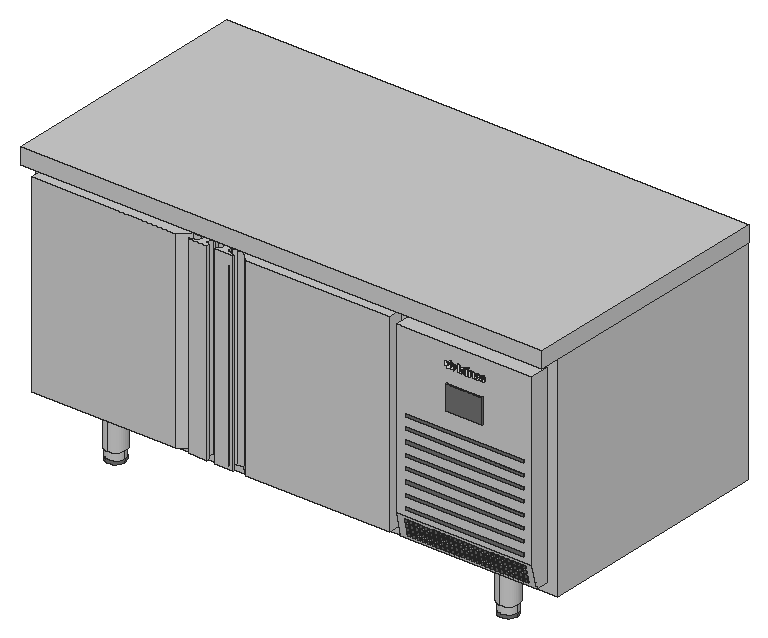
Revit family "QF_INFRICO_MR1620BT_250813014643", category Specialty Equipment, Revit 2021 (continued)
Definition of nested family "QF_INFRICO_LEGS_7242"
  Forms (mm)
    Extrusion 9, solid
      sketch origin (1560, 0, 140) x (0, 1, 0) y (-1, 0, 0)
        loop
          line (-568, -379.986) -> (-668, -379.986) -> (-668, -469.986) -> (-568, -469.986) -> (-568, -379.986)
      from 0 to -3
    Extrusion 10, solid
      sketch origin (1560, 0, 0) x (1, 0, 0) y (0, 1, 0)
        loop
          circle (424.986, -618) r 28
      from 9 to 35
    Extrusion 11, solid
      sketch origin (1560, 0, 0) x (1, 0, 0) y (0, 1, 0)
        loop
          circle (424.986, -618) r 28.5
      from 0 to 9
    Sweep 12, solid
      path origin (2185, 0, 0) x (0, -1, 0) y (0, 0, 1)
        loop
          line (618, 35) -> (618, 137)
      profile origin (2185, -618, 86) x (0, 1, 0) y (-1, 0, 0)
        loop
          circle (0, 199.986) r 32
    Extrusion 13, solid
      sketch origin (1560, 500, 140) x (0, 1, 0) y (-1, 0, 0)
        loop
          line (-530, -379.986) -> (-630, -379.986) -> (-630, -469.986) -> (-530, -469.986) -> (-530, -379.986)
      from 0 to -3
    Extrusion 14, solid
      sketch origin (1560, 500, 0) x (1, 0, 0) y (0, 1, 0)
        loop
          circle (424.986, -580) r 28
      from 9 to 35
    Extrusion 15, solid
      sketch origin (1560, 500, 0) x (1, 0, 0) y (0, 1, 0)
        loop
          circle (424.986, -580) r 28.5
      from 0 to 9
    Sweep 16, solid
      path origin (2185, 0, 0) x (0, -1, 0) y (0, 0, 1)
        loop
          line (80, 35) -> (80, 137)
      profile origin (2185, -80, 86) x (0, 1, 0) y (-1, 0, 0)
        loop
          circle (0, 199.986) r 32
    Extrusion 17, solid, visible <- "CentralLegs"
      sketch origin (534.014, 0, 140) x (0, 1, 0) y (-1, 0, 0)
        loop
          line (-568, -513.486) -> (-668, -513.486) -> (-668, -603.486) -> (-568, -603.486) -> (-568, -513.486)
      from 0 to -3
    Extrusion 18, solid, visible <- "CentralLegs"
      sketch origin (534.014, 0, 0) x (1, 0, 0) y (0, 1, 0)
        loop
          circle (558.486, -618) r 28
      from 9 to 35
    Extrusion 19, solid, visible <- "CentralLegs"
      sketch origin (534.014, 0, 0) x (1, 0, 0) y (0, 1, 0)
        loop
          circle (558.486, -618) r 28.5
      from 0 to 9
    Sweep 20, solid, visible <- "CentralLegs"
      path origin (1092.5, 0, 0) x (0, -1, 0) y (0, 0, 1)
        loop
          line (618, 35) -> (618, 137)
      profile origin (1092.5, -618, 86) x (0, 1, 0) y (-1, 0, 0)
        loop
          circle (0, -0.014) r 32
    Extrusion 21, solid, visible <- "CentralLegs"
      sketch origin (534.014, 500, 140) x (0, 1, 0) y (-1, 0, 0)
        loop
          line (-530, -513.486) -> (-630, -513.486) -> (-630, -603.486) -> (-530, -603.486) -> (-530, -513.486)
      from 0 to -3
    Extrusion 22, solid, visible <- "CentralLegs"
      sketch origin (534.014, 500, 0) x (1, 0, 0) y (0, 1, 0)
        loop
          circle (558.486, -580) r 28
      from 9 to 35
    Extrusion 23, solid, visible <- "CentralLegs"
      sketch origin (534.014, 500, 0) x (1, 0, 0) y (0, 1, 0)
        loop
          circle (558.486, -580) r 28.5
      from 0 to 9
    Sweep 24, solid, visible <- "CentralLegs"
      path origin (1092.5, 0, 0) x (0, -1, 0) y (0, 0, 1)
        loop
          line (80, 35) -> (80, 137)
      profile origin (1092.5, -80, 86) x (0, 1, 0) y (-1, 0, 0)
        loop
          circle (0, -0.014) r 32
  Dimensions and locks
    "Length": plane 3 "Left" to plane 4 "Right"
    "Depth": plane 1 "Back" to plane 5 "Front"
    "Height": plane 6 "Top" to plane 2
    equal spacing: plane 3 "Left", plane 7 "Central", plane 4 "Right"
    locked: Sweep 20 sketch curve to profile plane at 0.014
    locked: Sweep 24 sketch curve to profile plane at 0.014
    aligned and locked: level to plane 2
  Automatic sketch dimensions
    plane 5 "Front" to Extrusion 1 sketch curve = 70 mm
    Extrusion 1 sketch curve to Extrusion 1 sketch curve = 100 mm
    plane 3 "Left" to Extrusion 1 sketch curve = 244.986 mm
    Extrusion 1 sketch curve to Extrusion 1 sketch curve = 90 mm
    plane 3 "Left" to Extrusion 2 sketch curve = 199.986 mm
    plane 5 "Front" to Extrusion 2 sketch curve = 120 mm
    plane 3 "Left" to Extrusion 3 sketch curve = 199.986 mm
    plane 5 "Front" to Extrusion 3 sketch curve = 120 mm
    Sweep 4 sketch curve to plane 6 "Top" = 3 mm
    plane 5 "Front" to Sweep 4 sketch curve = 120 mm
    level to Sweep 4 sketch curve = 35 mm
    Sweep 4 sketch curve to profile plane = 0 mm
    plane 3 "Left" to Sweep 4 sketch curve = 199.986 mm
    plane 1 "Back" to Extrusion 5 sketch curve = 130 mm
    plane 1 "Back" to Extrusion 5 sketch curve = 30 mm
    plane 3 "Left" to Extrusion 5 sketch curve = 244.986 mm
    Extrusion 5 sketch curve to Extrusion 5 sketch curve = 90 mm
    plane 1 "Back" to Extrusion 6 sketch curve = 80 mm
    plane 3 "Left" to Extrusion 6 sketch curve = 199.986 mm
    plane 1 "Back" to Extrusion 7 sketch curve = 80 mm
    plane 3 "Left" to Extrusion 7 sketch curve = 199.986 mm
    Sweep 8 sketch curve to plane 6 "Top" = 3 mm
    plane 1 "Back" to Sweep 8 sketch curve = 80 mm
    level to Sweep 8 sketch curve = 35 mm
    Sweep 8 sketch curve to profile plane = 0 mm
    plane 3 "Left" to Sweep 8 sketch curve = 199.986 mm
    plane 5 "Front" to Extrusion 9 sketch curve = 70 mm
    Extrusion 9 sketch curve to Extrusion 9 sketch curve = 100 mm
    plane 4 "Right" to Extrusion 9 sketch curve = 155.014 mm
    Extrusion 9 sketch curve to Extrusion 9 sketch curve = 90 mm
    plane 4 "Right" to Extrusion 10 sketch curve = 200.014 mm
    plane 5 "Front" to Extrusion 10 sketch curve = 120 mm
    plane 4 "Right" to Extrusion 11 sketch curve = 200.014 mm
    plane 5 "Front" to Extrusion 11 sketch curve = 120 mm
    Sweep 12 sketch curve to profile plane = 0 mm
    profile plane to Sweep 12 sketch curve = 199.986 mm
    plane 1 "Back" to Extrusion 13 sketch curve = 130 mm
    plane 1 "Back" to Extrusion 13 sketch curve = 30 mm
    plane 4 "Right" to Extrusion 13 sketch curve = 155.014 mm
    Extrusion 13 sketch curve to Extrusion 13 sketch curve = 90 mm
    plane 1 "Back" to Extrusion 14 sketch curve = 80 mm
    plane 4 "Right" to Extrusion 14 sketch curve = 200.014 mm
    plane 1 "Back" to Extrusion 15 sketch curve = 80 mm
    plane 4 "Right" to Extrusion 15 sketch curve = 200.014 mm
    Sweep 16 sketch curve to profile plane = 0 mm
    profile plane to Sweep 16 sketch curve = 199.986 mm
    plane 5 "Front" to Extrusion 17 sketch curve = 70 mm
    Extrusion 17 sketch curve to plane 7 "Central" = 45 mm
    Extrusion 17 sketch curve to Extrusion 17 sketch curve = 100 mm
    plane 7 "Central" to Extrusion 17 sketch curve = 45 mm
    Extrusion 18 sketch curve to plane 7 "Central" = 0 mm
    plane 5 "Front" to Extrusion 18 sketch curve = 120 mm
    Extrusion 19 sketch curve to plane 7 "Central" = 0 mm
    plane 5 "Front" to Extrusion 19 sketch curve = 120 mm
    Sweep 20 sketch curve to profile plane = 0 mm
    plane 7 "Central" to Extrusion 21 sketch curve = 45 mm
    plane 1 "Back" to Extrusion 21 sketch curve = 130 mm
    plane 1 "Back" to Extrusion 21 sketch curve = 30 mm
    Extrusion 21 sketch curve to plane 7 "Central" = 45 mm
    Extrusion 22 sketch curve to plane 7 "Central" = 0 mm
    plane 1 "Back" to Extrusion 22 sketch curve = 80 mm
    Extrusion 23 sketch curve to plane 7 "Central" = 0 mm
    plane 1 "Back" to Extrusion 23 sketch curve = 80 mm
    Sweep 24 sketch curve to profile plane = 0 mm
    Sweep 16 sketch curve to plane 6 "Top" = 3 mm
    plane 1 "Back" to Sweep 16 sketch curve = 80 mm
    level to Sweep 16 sketch curve = 35 mm
    Sweep 12 sketch curve to plane 6 "Top" = 3 mm
    plane 5 "Front" to Sweep 12 sketch curve = 120 mm
    level to Sweep 12 sketch curve = 35 mm
    Sweep 20 sketch curve to plane 6 "Top" = 3 mm
    plane 5 "Front" to Sweep 20 sketch curve = 120 mm
    level to Sweep 20 sketch curve = 35 mm
    Sweep 24 sketch curve to plane 6 "Top" = 3 mm
    plane 1 "Back" to Sweep 24 sketch curve = 80 mm
    level to Sweep 24 sketch curve = 35 mm
    radius of Extrusion 2 sketch curve = 28 mm
    radius of Extrusion 3 sketch curve = 28.5 mm
    radius of Sweep 4 sketch curve = 32 mm
    radius of Extrusion 6 sketch curve = 28 mm
    radius of Extrusion 7 sketch curve = 28.5 mm
    radius of Sweep 8 sketch curve = 32 mm
    radius of Extrusion 10 sketch curve = 28 mm
    radius of Extrusion 11 sketch curve = 28.5 mm
    radius of Sweep 12 sketch curve = 32 mm
    radius of Extrusion 14 sketch curve = 28 mm
    radius of Extrusion 15 sketch curve = 28.5 mm
    radius of Sweep 16 sketch curve = 32 mm
    radius of Extrusion 18 sketch curve = 28 mm
    radius of Extrusion 19 sketch curve = 28.5 mm
    radius of Sweep 20 sketch curve = 32 mm
    radius of Extrusion 22 sketch curve = 28 mm
    radius of Extrusion 23 sketch curve = 28.5 mm
    radius of Sweep 24 sketch curve = 32 mm
Definition of nested family "CONN_POINT_DRAIN_2D___Generic_Annotation"
  Parameters (values of type "CONN_POINT_DRAIN_2D___Generic_Annotation")
    Onboard connection annotation symbol visibility [instance] = yes
  Reference planes
    plane 1: y = 0
    plane 2: x = 0
  Lines and regions (mm)
    detail lines, visible <- "Onboard connection annotation symbol visibility"
      curve 1: circle (0, 0, 0) r 0.5 normal (0, 0, 1)
      curve 2: line (-1, 0, 0) -> (1, 0, 0)
      curve 3: line (0, 1, 0) -> (0, -1, 0)
      curve 4: line (1.776, 1, 0) -> (1.25, 1, 0)
      curve 5: line (1.25, 1, 0) -> (1.25, -1, 0)
      curve 6: line (1.25, -1, 0) -> (1.776, -1, 0)
      curve 7: arc (2.206, -0.862, 0) -> (2.459, -0.589, 0) -> (2.583, -0.238, 0) r 0.918
      curve 8: arc (2.583, 0.238, 0) -> (2.459, 0.589, 0) -> (2.206, 0.862, 0) r 0.918
      curve 9: arc (2.583, -0.238, 0) -> (2.599, 0, 0) -> (2.583, 0.238, 0) r 1.77
      curve 10: arc (2.206, 0.862, 0) -> (2.002, 0.965, 0) -> (1.776, 1, 0) r 0.741
      curve 11: arc (1.776, -1, 0) -> (2.002, -0.965, 0) -> (2.206, -0.862, 0) r 0.741
Definition of nested family "CONN_POINT_ELE_2D___Generic_Annotation"
  Parameters (values of type "CONN_POINT_ELE_2D___Generic_Annotation")
    Onboard connection annotation symbol visibility [instance] = yes
  Reference planes
    plane 1: y = 0
    plane 2: x = 0
  Lines and regions (mm)
    detail lines, visible <- "Onboard connection annotation symbol visibility"
      curve 1: circle (0, 0, 0) r 0.5 normal (0, 0, 1)
      curve 2: line (-1, 0, 0) -> (1, 0, 0)
      curve 3: line (0, 1, 0) -> (0, -1, 0)
      curve 4: line (2.5, 1, 0) -> (1.25, 1, 0)
      curve 5: line (1.25, 1, 0) -> (1.25, -1, 0)
      curve 6: line (1.25, -1, 0) -> (2.5, -1, 0)
      curve 7: line (1.25, 0, 0) -> (2, 0, 0)
